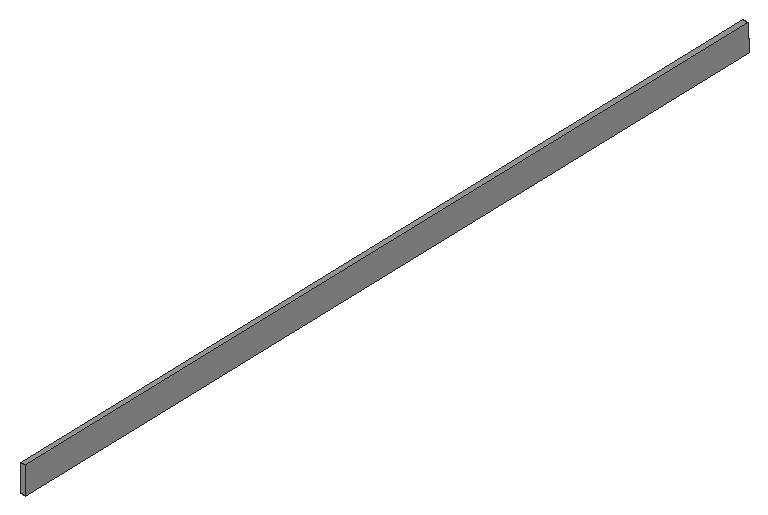
Revit family "Purlin", category Generic Models, Revit 2019
Family settings
  Can host rebar = No
  Round Connector Dimension = Use Diameter
  Part Type = Normal
  Work Plane-Based = No
  Always vertical = Yes
  Cut with Voids When Loaded = No
  Shared = No
  Room Calculation Point = No
Reference planes
  plane 1 "Center (Front/Back)": y = 0
  plane 2: z = 0
  plane 3 "Center (Left/Right)": x = 0
  plane 4: x = -5000
Forms (mm)
  Extrusion 1, solid, material "Default"
    sketch origin (-2505, 2495, 0) x (-1, 0, 0) y (0, 0, 1)
      loop
        line (-2475, 0) -> (-2475, 150) -> (-2505, 150) -> (-2505, 0) -> (-2475, 0)
    from 0 to -5000
Dimensions and locks
  plane 2 to Extrusion 1 = 150 mm
  aligned and locked: level to plane 2
